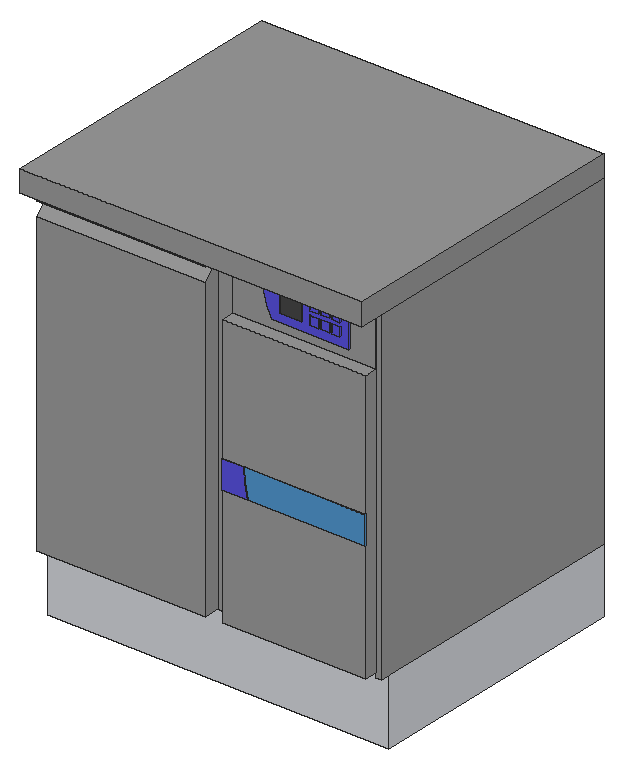
Revit family "Tief-Kühltische GN1-1 - Eigen", category Sonderausstattung, Revit 2015
Parameters (values of type "760x790 1-türig")
  Öffnungstiefe = Korpus Tiefe - Rückwand Stärke - 100 mm  # 470 mm
  Öffnungssymbol Grundriss [instance] = yes
  Watt = 650 W
  Wand unten Stärke = 50 mm  # constant formula
  Wand oben Stärke = 50 mm  # constant formula
  Versatz bei Sockel oder Füße [instance] = if(or(Sockel, Füße), 150 mm, 0 mm)  # 150 mm
  Versatz Tür zu Seitenteil = 40 mm
  Türen Stärke = 50 mm  # constant formula
  Türen Lücke = 20 mm
  Türen Höhe = Korpus Höhe - 20 mm  # 740 mm
  Türen Breite = 390 mm
  Türen Anzahl = 1
  Türen Breite halb = Türen Breite / 2  # 195 mm
  Tür_3 = no
  Tür_2 = no
  Tür_1 = yes
  Tür 4 [instance] = Türen 1 : 1-fach
  Tür 3 [instance] = Türen 1 : 1-fach
  Tür 2 [instance] = Türen 1 : 1-fach
  Tür 1 [instance] = Türen 1 : 1-fach
  Tiefe [instance] = if(Deckplatte, Platte Tiefe, Korpus Tiefe + Türen Stärke)  # 700 mm
  Temp. Bereich = "-18°C bis -20°C"
  Spannung = 230 V
  Sockelhöhe = 150 mm  # constant formula
  Sockel [instance] = yes
  Seitenwand Stärke = 50 mm  # constant formula
  Seitenteilwand Stärke = 15 mm  # constant formula
  Seitenteil Breite = 330 mm
  Scheinleistung = 0 VA
  Platte Tiefe = 700 mm  # constant formula
  Platte Stärke = 50 mm
  Pfosten Tiefe = 50 mm  # constant formula
  Rückwand Stärke = 50 mm  # constant formula
  Pfosten Breite = 100 mm  # constant formula
  Pfosten Anzahl = 0
  Pfosten Abstand = Türen Breite + (Türen Lücke / 2)  # 400 mm
  Pfosten 2 = no
  Pfosten 1 = no
  Material = Edelstahl AISI 304
  Kältemittel = "R290"
  Kälteleistung = "250 Watt -30°C VT/+32°C UT"
  Korpus Tiefe = Platte Tiefe - 50 mm - 30 mm  # 620 mm
  Korpus Höhe = 760 mm
  Korpus Breite = Breite - Seitenteil Breite - Seitenteilwand Stärke  # 445 mm
  Kapazität = "1 x 9 x GN1/1"
  Höhe Elektroanschluss = 150 mm
  Höhe [instance] = if(Deckplatte, Korpus Höhe + Versatz bei Sockel oder Füße + Platte Stärke, Korpus Höhe + Versatz bei Sockel oder Füße)  # 960 mm
  Füße Strg [instance] = and(Füße, not(Sockel))  # no
  Füße [instance] = no
  Energieverbrauch = "7,2 kWh/24 h"
  Deckplatte [instance] = yes
  Breite = 790 mm
  Aufkantung Stärke = 6 mm
  Aufkantung Strg [instance] = and(Deckplatte, Aufkantung)  # no
  Aufkantung Höhe = 50 mm
  Aufkantung [instance] = no
  Artnr ohne Platte = "TKM 711170-76"
  Artnr mit Platte und Aufkantung = "TKM 711171-76"
  Artnr mit Platte = "TKM 711172-76"
  Artikelnr. [instance] = if(and(Deckplatte, not(Aufkantung)), Artnr mit Platte, if(and(Deckplatte, Aufkantung), Artnr mit Platte und Aufkantung, Artnr ohne Platte))  # "TKM 711172-76"
  Abstand Logo = (Korpus Höhe - 120 mm) / 2  # 320 mm
  Abstand Display seitlich = 60 mm
Types (15, lengths in mm): name | Watt | Versatz Tür zu Seitenteil | Türen Lücke | Türen Höhe | Türen Breite | Türen Anzahl | Türen Breite halb | Tür_3 | Tür_2 | Seitenteil Breite | Pfosten Anzahl | Pfosten Abstand | Pfosten 2 | Pfosten 1 | Kälteleistung | Korpus Höhe | Korpus Breite | Kapazität | Höhe | Energieverbrauch | Breite | Aufkantung Strg | Aufkantung | Artnr ohne Platte | Artnr mit Platte und Aufkantung | Artnr mit Platte | Artikelnr. | Abstand Logo
  650x790 1-türig | 650 W | 40 | 20 | 630 | 390 | 1 | 195 | no | no | 330 | 0 | 400 | no | no | "250 Watt -30°C VT/+32°C UT" | 650 | 445 | "1 x 7 x GN1/1" | 850 | "7,1 kWh/24 h" | 790 | yes | yes | "TKM 711160" | "TKM 711161" | "TKM 711162" | "TKM 711161" | 265
  650x1250 2-türig | 680 W | 20 | 20 | 630 | 430 | 2 | 215 | no | yes | 320 | 1 | 440 | no | yes | "250 Watt -30°C VT/+32°C UT" | 650 | 915 | "2 x 9 x GN1/1" | 850 | "7,7 kWh/24 h" | 1250 | yes | yes | "TKM 721160" | "TKM 721161" | "TKM 721162" | "TKM 721161" | 265
  650x1725 3-türig | 750 W | 25 | 30 | 630 | 430 | 3 | 215 | yes | yes | 320 | 2 | 445 | yes | yes | "460 Watt -30°C VT/+32°C UT" | 650 | 1390 | "3 x 9 x GN1/1" | 850 | "8,3 kWh/24 h" | 1725 | yes | yes | "TKM 731160" | "TKM 731161" | "TKM 731162" | "TKM 731161" | 265
  700x790 1-türig | 650 W | 40 | 20 | 680 | 390 | 1 | 195 | no | no | 330 | 0 | 400 | no | no | "250 Watt -30°C VT/+32°C UT" | 700 | 445 | "1 x 8 x GN1/1" | 900 | "7,1 kWh/24 h" | 790 | yes | yes | "TKM 711170-70" | "TKM 711171-70" | "TKM 711172-70" | "TKM 711171-70" | 290
  700x1250 2-türig | 680 W | 20 | 20 | 680 | 430 | 2 | 215 | no | yes | 320 | 1 | 440 | no | yes | "250 Watt -30°C VT/+32°C UT" | 700 | 915 | "2 x 10 x GN1/1" | 900 | "7,7 kWh/24 h" | 1250 | yes | yes | "TKM 721170-70" | "TKM 721171-70" | "TKM 721172-70" | "TKM 721171-70" | 290
  700x1725 3-türig | 750 W | 25 | 30 | 680 | 430 | 3 | 215 | yes | yes | 320 | 2 | 445 | yes | yes | "460 Watt -30°C VT/+32°C UT" | 700 | 1390 | "3 x 10 x GN1/1" | 900 | "8,3 kWh/24 h" | 1725 | yes | yes | "TKM 731170-70" | "TKM 731171-70" | "TKM 731172-70" | "TKM 731171-70" | 290
  710x790 1-türig | 650 W | 40 | 20 | 690 | 390 | 1 | 195 | no | no | 330 | 0 | 400 | no | no | "250 Watt -30°C VT/+32°C UT" | 710 | 445 | "1 x 8 x GN1/1" | 910 | "" | 790 | no | no | "TKM 711170-71" | "TKM 711171-71" | "TKM 711172-71" | "TKM 711172-71" | 295
  710x1250 2-türig | 680 W | 20 | 20 | 690 | 430 | 2 | 215 | no | yes | 320 | 1 | 440 | no | yes | "250 Watt -30°C VT/+32°C UT" | 710 | 915 | "2 x 10 x GN1/1" | 910 | "7,7 kWh/24 h" | 1250 | no | no | "TKM 721170-71" | "TKM 721171-71" | "TKM 721172-71" | "TKM 721172-71" | 295
  710x1725 3-türig | 750 W | 25 | 30 | 690 | 430 | 3 | 215 | yes | yes | 320 | 2 | 445 | yes | yes | "460 Watt -30°C VT/+32°C UT" | 710 | 1390 | "3 x 10 x GN1/1" | 910 | "8,3 kWh/24 h" | 1725 | no | no | "TKM 731170-71" | "TKM 731171-71" | "TKM 731172-71" | "TKM 731172-71" | 295
  750x790 1-türig | 650 W | 40 | 20 | 730 | 390 | 1 | 195 | no | no | 330 | 0 | 400 | no | no | "250 Watt -30°C VT/+32°C UT" | 750 | 445 | "1 x 9 x GN1/1" | 950 | "7,2 kWh/24 h" | 790 | yes | yes | "TKM 711170" | "TKM 711171" | "TKM 711172" | "TKM 711171" | 315
  750x1725 3-türig | 750 W | 25 | 30 | 730 | 430 | 3 | 215 | yes | yes | 320 | 2 | 445 | yes | yes | "460 Watt -30°C VT/+32°C UT" | 750 | 1390 | "3 x 11 x GN1/1" | 950 | "8,4 kWh/24 h" | 1725 | yes | yes | "TKM 731170" | "TKM 731171" | "TKM 731172" | "TKM 731171" | 315
  750x1250 2-türig | 680 W | 20 | 20 | 730 | 430 | 2 | 215 | no | yes | 320 | 1 | 440 | no | yes | "250 Watt -30°C VT/+32°C UT" | 750 | 915 | "2 x 11 x GN1/1" | 950 | "7,8 kWh/24 h" | 1250 | yes | yes | "TKM 721170" | "TKM 721171" | "TKM 721172" | "TKM 721171" | 315
  760x790 1-türig | 650 W | 40 | 20 | 740 | 390 | 1 | 195 | no | no | 330 | 0 | 400 | no | no | "250 Watt -30°C VT/+32°C UT" | 760 | 445 | "1 x 9 x GN1/1" | 960 | "7,2 kWh/24 h" | 790 | no | no | "TKM 711170-76" | "TKM 711171-76" | "TKM 711172-76" | "TKM 711172-76" | 320
  760x1250 2-türig | 680 W | 20 | 20 | 740 | 430 | 2 | 215 | no | yes | 320 | 1 | 440 | no | yes | "250 Watt -30°C VT/+32°C UT" | 760 | 915 | "2 x 11 x GN1/1" | 960 | "7,8 kWh/24 h" | 1250 | no | no | "TKM 721170-76" | "TKM 721171-76" | "TKM 721172-76" | "TKM 721172-76" | 320
  760x1725 3-türig | 750 W | 25 | 30 | 740 | 430 | 3 | 215 | yes | yes | 320 | 2 | 445 | yes | yes | "460 Watt -30°C VT/+32°C UT" | 760 | 1390 | "3 x 11 x GN1/1" | 960 | "8,4 kWh/24 h" | 1725 | no | no | "TKM 731170-76" | "TKM 731171-76" | "TKM 731172-76" | "TKM 731172-76" | 320
Reference planes
  plane 1 "Mitte (Vorne/Hinten)": y = 0
  plane 2: z = 0
  plane 3 "Mitte (Links/Rechts)": x = 0
  plane 4: x = -15
  plane 5: x = -345
  plane 6: x = -395
  plane 7: x = -735
  plane 8: x = -785
  plane 9: x = -835
  plane 10: x = -1145
  plane 11: x = -1195
  plane 12: x = -1245
  plane 13: x = -1555
  plane 14: x = -1605
  plane 15: x = -1655
  plane 16: x = -740
  plane 17 "SR": x = -790
  plane 18: y = -50
  plane 19: y = -570
  plane 20: y = -620
  plane 21 "Korpus unten": z = 150
  plane 22: z = 200
  plane 23: z = 860
  plane 24: z = 910
  plane 25: z = 960
  plane 26: z = 1010
  plane 27: z = 150
  plane 28 "Türen": z = 160
  plane 29: z = 790
  plane 30: y = -15
  plane 31: y = -700
  plane 32: x = -775
  plane 33: x = -385
  plane 34: y = -6
  plane 35: x = -1810
  plane 36: x = -1400
  plane 37: x = -990
  plane 38: x = -580
  plane 39 "Display": y = -640
  plane 40 "Logo": y = -670
  plane 41: x = -228
  plane 42: y = -120
  plane 43: z = 502.5
  plane 44: z = 437.5
  plane 45: z = 470
  plane 46: x = -775
  plane 47: x = -1185
  plane 48: x = -1595
  plane 49: x = -795
  plane 50: x = -1205
  plane 51: x = -1615
  plane 52: x = -710
  plane 53: y = -80
  plane 54: y = -578
  plane 55: x = -373
  plane 56 "Elektro": z = 150
Forms (mm)
  Extrusion 1, solid, material "Edelstahl AISI 304" <- "Material", visible <- "Pfosten 2", detail levels fine
    sketch origin (0, 0, 0) x (1, 0, 0) y (0, 1, 0)
      loop
        line (-1245, -620) -> (-1145, -620) -> (-1145, -570) -> (-1245, -570) -> (-1245, -620)
    from 200 to 860
  Extrusion 2, solid, material "Edelstahl AISI 304" <- "Material", visible <- "Pfosten 1", detail levels fine
    sketch origin (0, 0, 0) x (1, 0, 0) y (0, 1, 0)
      loop
        line (-835, -620) -> (-735, -620) -> (-735, -570) -> (-835, -570) -> (-835, -620)
    from 200 to 860
  Extrusion 3, solid, material "Edelstahl AISI 304" <- "Material", detail levels fine
    sketch origin (0, 0, 0) x (1, 0, 0) y (0, 0, 1)
      loop
        line (-345, 150) -> (-345, 910) -> (-790, 910) -> (-790, 150) -> (-345, 150)
      loop
        line (-740, 860) -> (-740, 200) -> (-395, 200) -> (-395, 860) -> (-740, 860)
    from 0 to 620
  Extrusion 4, solid, material "Edelstahl AISI 304" <- "Material", detail levels fine
    sketch origin (0, 0, 0) x (1, 0, 0) y (0, 0, 1)
      loop
        line (-740, 860) -> (-740, 200) -> (-395, 200) -> (-395, 860) -> (-740, 860)
    from 0 to 50
  Extrusion 5, solid, material "Edelstahl AISI 304" <- "Material", visible <- "Füße Strg", detail levels medium+fine
    sketch origin (0, 0, 0) x (1, 0, 0) y (0, 1, 0)
      loop
        circle (-373, -578) r 20
      loop
        circle (-373, -80) r 20
      loop
        circle (-710, -80) r 20
      loop
        circle (-710, -578) r 20
    from 0 to 150
  Extrusion 6, solid, visible <- "Sockel", detail levels medium+fine
    sketch origin (0, 0, 0) x (1, 0, 0) y (0, 1, 0)
      loop
        line (-790, 0) -> (-790, -620) -> (0, -620) -> (0, 0) -> (-790, 0)
    from 0 to 150
  Extrusion 7, solid, material "Edelstahl AISI 304" <- "Material", detail levels medium+fine
    sketch origin (0, 0, 0) x (1, 0, 0) y (0, 1, 0)
      loop
        line (-345, 0) -> (-345, -620) -> (-15, -620) -> (-15, 0) -> (-345, 0)
    from 150 to 910
  Extrusion 8, solid, material "Edelstahl AISI 304" <- "Material", detail levels medium+fine
    sketch origin (0, 0, 0) x (1, 0, 0) y (0, 1, 0)
      loop
        line (-15, 0) -> (-15, -640) -> (0, -640) -> (0, 0) -> (-15, 0)
    from 150 to 910
  Extrusion 9, solid, material "Edelstahl AISI 304" <- "Material", visible <- "Deckplatte", detail levels medium+fine
    sketch origin (0, 0, 0) x (1, 0, 0) y (0, 1, 0)
      loop
        line (-790, 0) -> (-790, -700) -> (0, -700) -> (0, 0) -> (-790, 0)
    from 910 to 960
  Extrusion 10, solid, material "Edelstahl AISI 304" <- "Material", visible <- "Aufkantung Strg", detail levels fine
    sketch origin (0, 0, 0) x (1, 0, 0) y (0, 1, 0)
      loop
        line (-790, 0) -> (-790, -6) -> (0, -6) -> (0, 0) -> (-790, 0)
    from 960 to 1010
  Extrusion 11, solid, material "Edelstahl AISI 304" <- "Material", detail levels medium+fine
    sketch origin (0, 0, 0) x (1, 0, 0) y (0, 0, 1)
      loop
        line (-15, 160) -> (-15, 790) -> (-345, 790) -> (-345, 160) -> (-15, 160)
    from 620 to 670
  Extrusion 12, solid, material "Edelstahl AISI 304" <- "Material", detail levels medium+fine
    sketch origin (0, 0, 0) x (1, 0, 0) y (0, 0, 1)
      loop
        line (-345, 910) -> (-345, 790) -> (-15, 790) -> (-15, 910) -> (-345, 910)
    from 620 to 640
  Extrusion 13, solid, material "Logo Blau Dunkel", detail levels fine
    sketch origin (0, -640, 0) x (-1, 0, 0) y (0, 0, 1)
      loop
        line (275, 890) -> (75, 890) -> (75, 810) -> (255, 810)
        arc (255, 810) -> (269.844, 848.789) -> (275, 890) r 172.745
      loop
        line (235, 880) -> (185, 880) -> (185, 830) -> (235, 830) -> (235, 880)
      loop
        line (165, 880) -> (145, 880) -> (145, 860) -> (165, 860) -> (165, 880)
      loop
        line (140, 880) -> (120, 880) -> (120, 860) -> (140, 860) -> (140, 880)
      loop
        line (115, 880) -> (95, 880) -> (95, 860) -> (115, 860) -> (115, 880)
      loop
        line (165, 830) -> (165, 850) -> (145, 850) -> (145, 830) -> (165, 830)
      loop
        line (140, 830) -> (140, 850) -> (120, 850) -> (120, 830) -> (140, 830)
      loop
        line (115, 830) -> (115, 850) -> (95, 850) -> (95, 830) -> (115, 830)
    from 0 to -2
  Extrusion 14, solid, material "Logo Blau Hell", detail levels fine
    sketch origin (0, -670, 0) x (-1, 0, 0) y (0, 0, 1)
      loop
        line (295, 502.5) -> (15, 502.5) -> (15, 437.5) -> (285, 437.5)
        arc (285, 437.5) -> (292.724, 469.581) -> (295, 502.5) r 197.504
    from 0 to -2
  Extrusion 15, solid, material "Logo Blau Dunkel", detail levels fine
    sketch origin (0, -670, 0) x (-1, 0, 0) y (0, 0, 1)
      loop
        line (285, 437.5) -> (345, 437.5) -> (345, 502.5) -> (295, 502.5)
        arc (295, 502.5) -> (292.724, 469.581) -> (285, 437.5) r 197.504
    from 0 to -2
  Extrusion 16, solid, not visible
    sketch origin (0, 0, 150) x (0, -1, 0) y (1, 0, 0)
      loop
        circle (120, -228) r 20
    from 0 to 2
  Extrusion 17, solid, material "Display", detail levels fine
    sketch origin (0, -640, 0) x (-1, 0, 0) y (0, 0, 1)
      loop
        line (235, 880) -> (185, 880) -> (185, 830) -> (235, 830) -> (235, 880)
    from 0 to -2
  Extrusion 18, solid, material "Knöpfe", detail levels fine
    sketch origin (0, -640, 0) x (-1, 0, 0) y (0, 0, 1)
      loop
        line (165, 880) -> (145, 880) -> (145, 860) -> (165, 860) -> (165, 880)
      loop
        line (165, 850) -> (145, 850) -> (145, 830) -> (165, 830) -> (165, 850)
      loop
        line (140, 830) -> (140, 850) -> (120, 850) -> (120, 830) -> (140, 830)
      loop
        line (140, 860) -> (140, 880) -> (120, 880) -> (120, 860) -> (140, 860)
      loop
        line (115, 880) -> (95, 880) -> (95, 860) -> (115, 860) -> (115, 880)
      loop
        line (115, 850) -> (95, 850) -> (95, 830) -> (115, 830) -> (115, 850)
    from 0 to -3
  Extrusion 19, solid, material "Edelstahl AISI 304" <- "Material", detail levels medium
    sketch origin (0, 0, 150) x (-1, 0, 0) y (0, -1, 0)
      loop
        line (790, 0) -> (790, 620) -> (345, 620) -> (345, 0) -> (790, 0)
    from 760 to -2
  Extrusion 20, solid, material "Edelstahl AISI 304" <- "Material", detail levels coarse
    sketch origin (0, 0, 0) x (1, 0, 0) y (0, 1, 0)
      loop
        line (-790, 0) -> (-790, -700) -> (0, -700) -> (0, 0) -> (-790, 0)
    from 960 to -2
Dimensions and locks
  "Rückwand Stärke": plane 18 to plane 1 "Mitte (Vorne/Hinten)"
  "Pfosten Tiefe": plane 19 to plane 20
  "Korpus Tiefe": plane 20 to plane 1 "Mitte (Vorne/Hinten)"
  "Seitenwand Stärke": plane 5 to plane 6
  "Seitenwand Stärke": plane 16 to plane 17 "SR"
  "Seitenteilwand Stärke": plane 3 "Mitte (Links/Rechts)" to plane 4
  "Seitenteil Breite": plane 4 to plane 5
  "Breite": plane 3 "Mitte (Links/Rechts)" to plane 17 "SR"
  "Wand unten Stärke": plane 22 to plane 21 "Korpus unten"
  "Aufkantung Höhe": plane 26 to plane 25
  "Platte Stärke": plane 25 to plane 24
  "Wand oben Stärke": plane 24 to plane 23
  "Korpus Höhe": plane 24 to plane 21 "Korpus unten"
  "Versatz bei Sockel oder Füße": plane 21 "Korpus unten" to level
  "Sockelhöhe": plane 27 to level
  locked: plane 28 "Türen" to plane 21 "Korpus unten" at 10
  locked: plane 24 to plane 29 at 120
  "Seitenteilwand Stärke": plane 30 to plane 1 "Mitte (Vorne/Hinten)"
  "Platte Tiefe": plane 31 to plane 1 "Mitte (Vorne/Hinten)"
  locked: plane 32 to plane 17 "SR" at 15
  "Versatz Tür zu Seitenteil": plane 5 to plane 33
  "Aufkantung Stärke": plane 34 to plane 1 "Mitte (Vorne/Hinten)"
  locked: plane 20 to plane 39 "Display" at 20
  "Türen Stärke": plane 20 to plane 40 "Logo"
  locked: plane 41 to plane 3 "Mitte (Links/Rechts)" at 228
  locked: plane 42 to plane 1 "Mitte (Vorne/Hinten)" at 120
  locked: plane 24 to Extrusion 13 sketch curve at 20
  locked: Extrusion 13 sketch curve to plane 29 at 20
  locked: Extrusion 13 sketch curve to Extrusion 13 sketch curve at 10
  locked: Extrusion 13 sketch curve to Extrusion 13 sketch curve at 20  (x3)
  locked: plane 43 to plane 44 at 65
  "Abstand Logo": plane 29 to plane 45
  locked: Extrusion 14 sketch curve to plane 5 at 50
  locked: Extrusion 14 sketch curve to plane 5 at 60
  equal spacing: plane 43, plane 45, plane 44
  plane 29 to plane 43 = 287.5 mm
  "Türen Breite halb": plane 33 to plane 38
  "Türen Lücke": plane 46 to plane 49
  "Türen Lücke": plane 47 to plane 50
  "Türen Lücke": plane 48 to plane 51
  "Türen Breite halb": plane 49 to plane 37
  "Türen Breite halb": plane 50 to plane 36
  "Türen Breite halb": plane 51 to plane 35
  "Türen Breite": plane 33 to plane 46
  "Türen Breite": plane 49 to plane 47
  "Türen Breite": plane 50 to plane 48
  equal spacing: plane 7, plane 8, plane 9
  equal spacing: plane 10, plane 11, plane 12
  equal spacing: plane 13, plane 14, plane 15
  "Pfosten Breite": plane 13 to plane 15
  "Pfosten Breite": plane 10 to plane 12
  "Pfosten Breite": plane 7 to plane 9
  "Pfosten Abstand": plane 33 to plane 8
  "Pfosten Abstand": plane 49 to plane 11
  "Pfosten Abstand": plane 50 to plane 14
  "Abstand Display seitlich": plane 4 to Extrusion 13 sketch curve
  locked: Extrusion 13 sketch curve to Extrusion 13 sketch curve at 200
  locked: Extrusion 13 sketch curve to Extrusion 13 sketch curve at 180
  Extrusion 13 sketch curve to Extrusion 13 sketch curve to Extrusion 13 sketch curve to Extrusion 13 sketch curve to Extrusion 13 sketch curve to Extrusion 13 sketch curve to Extrusion 13 sketch curve to Extrusion 13 sketch curve to Extrusion 13 sketch curve = 50 mm locked, 20 mm locked, 20 mm locked, 5 mm locked, 20 mm locked, 5 mm locked, 20 mm locked, 20 mm locked
  locked: plane 17 "SR" to plane 52 at 80
  locked: plane 53 to plane 1 "Mitte (Vorne/Hinten)" at 80
  locked: plane 54 to plane 20 at 42
  locked: plane 55 to plane 3 "Mitte (Links/Rechts)" at 373
  "Höhe Elektroanschluss": plane 56 "Elektro" to level
  aligned and locked: level to plane 2
  aligned and locked: plane 23 to Extrusion 2
  aligned and locked: plane 23 to Extrusion 1
  aligned and locked: Extrusion 3 to plane 20
  aligned and locked: Extrusion 2 to plane 22
  aligned and locked: Extrusion 1 to plane 22
  aligned and locked: Extrusion 4 to plane 18
  aligned and locked: plane 27 to Extrusion 5
  aligned and locked: plane 27 to Extrusion 6
  aligned and locked: plane 24 to Extrusion 7
  aligned and locked: Extrusion 7 to plane 21 "Korpus unten"
  aligned and locked: plane 24 to Extrusion 8
  aligned and locked: Extrusion 8 to plane 21 "Korpus unten"
  aligned and locked: plane 25 to Extrusion 9
  aligned and locked: Extrusion 9 to plane 24
  aligned and locked: plane 26 to Extrusion 10
  aligned and locked: Extrusion 10 to plane 25
  aligned and locked: plane 20 to Extrusion 11
  aligned and locked: plane 20 to Extrusion 12
  aligned and locked: Extrusion 12 to plane 39 "Display"
  aligned and locked: plane 39 "Display" to Extrusion 8 sketch curve
  aligned and locked: plane 4 to Extrusion 8 sketch curve
  aligned and locked: Extrusion 8 sketch curve to plane 3 "Mitte (Links/Rechts)"
  aligned and locked: plane 1 "Mitte (Vorne/Hinten)" to Extrusion 8 sketch curve
  aligned and locked: nested 3 to plane 36
  aligned and locked: plane 37 to nested 2
  aligned and locked: plane 38 to nested 1
  aligned and locked: nested 1 to plane 28 "Türen"
  aligned and locked: nested 2 to plane 28 "Türen"
  aligned and locked: nested 3 to plane 28 "Türen"
  aligned and locked: nested 3 to plane 20
  aligned and locked: nested 2 to plane 20
  aligned and locked: nested 1 to plane 20
  aligned and locked: plane 28 "Türen" to Extrusion 11 sketch curve
  aligned and locked: plane 5 to Extrusion 11 sketch curve
  aligned and locked: Extrusion 11 sketch curve to plane 4
  aligned and locked: plane 29 to Extrusion 11 sketch curve
  aligned and locked: Extrusion 10 sketch curve to plane 34
  aligned and locked: nested 1 to Extrusion 11
  aligned and locked: Extrusion 13 sketch curve to Extrusion 13 sketch curve  (x16)
  aligned and locked: Extrusion 14 sketch curve to plane 4
  aligned and locked: Extrusion 15 sketch curve to Extrusion 14
  aligned and locked: plane 44 to Extrusion 15 sketch curve
  aligned and locked: plane 43 to Extrusion 15 sketch curve
  aligned and locked: plane 5 to Extrusion 15 sketch curve
  aligned and locked: Extrusion 17 sketch curve to Extrusion 13  (x4)
  aligned and locked: Extrusion 18 sketch curve to Extrusion 13  (x24)
  aligned and locked: plane 24 to Extrusion 19
  aligned and locked: plane 25 to Extrusion 20
  aligned and locked: Extrusion 20 to plane 17 "SR"
  aligned and locked: Extrusion 19 to plane 17 "SR"
Automatic sketch dimensions
  Extrusion 9 sketch curve to plane 17 "SR" = 0 mm
  Extrusion 9 sketch curve to plane 3 "Mitte (Links/Rechts)" = 0 mm
  Extrusion 9 sketch curve to plane 31 = 0 mm
  plane 1 "Mitte (Vorne/Hinten)" to Extrusion 9 sketch curve = 0 mm
  Extrusion 10 sketch curve to plane 17 "SR" = 0 mm
  Extrusion 10 sketch curve to plane 3 "Mitte (Links/Rechts)" = 0 mm
  plane 1 "Mitte (Vorne/Hinten)" to Extrusion 10 sketch curve = 0 mm
  Extrusion 14 sketch curve to plane 44 = 0 mm
  Extrusion 14 sketch curve to plane 43 = 0 mm
  Extrusion 14 sketch curve to plane 43 = 2.887 mm
  Extrusion 1 sketch curve to plane 12 = 0 mm
  Extrusion 1 sketch curve to plane 10 = 0 mm
  Extrusion 1 sketch curve to plane 20 = 0 mm
  Extrusion 1 sketch curve to plane 19 = 0 mm
  Extrusion 2 sketch curve to plane 9 = 0 mm
  Extrusion 2 sketch curve to plane 7 = 0 mm
  Extrusion 2 sketch curve to plane 20 = 0 mm
  Extrusion 2 sketch curve to plane 19 = 0 mm
  Extrusion 3 sketch curve to plane 17 "SR" = 0 mm
  Extrusion 3 sketch curve to plane 16 = 0 mm
  Extrusion 3 sketch curve to plane 6 = 0 mm
  Extrusion 3 sketch curve to plane 5 = 0 mm
  Extrusion 3 sketch curve to plane 21 "Korpus unten" = 0 mm
  Extrusion 3 sketch curve to plane 22 = 0 mm
  Extrusion 3 sketch curve to plane 23 = 0 mm
  Extrusion 3 sketch curve to plane 24 = 0 mm
  Extrusion 4 sketch curve to plane 16 = 0 mm
  Extrusion 4 sketch curve to plane 6 = 0 mm
  Extrusion 4 sketch curve to plane 22 = 0 mm
  Extrusion 4 sketch curve to plane 23 = 0 mm
  Extrusion 6 sketch curve to plane 17 "SR" = 0 mm
  Extrusion 6 sketch curve to plane 3 "Mitte (Links/Rechts)" = 0 mm
  Extrusion 6 sketch curve to plane 20 = 0 mm
  plane 1 "Mitte (Vorne/Hinten)" to Extrusion 6 sketch curve = 0 mm
  Extrusion 7 sketch curve to plane 5 = 0 mm
  Extrusion 7 sketch curve to plane 4 = 0 mm
  Extrusion 7 sketch curve to plane 20 = 0 mm
  plane 1 "Mitte (Vorne/Hinten)" to Extrusion 7 sketch curve = 0 mm
  Extrusion 12 sketch curve to plane 5 = 0 mm
  Extrusion 12 sketch curve to plane 4 = 0 mm
  Extrusion 12 sketch curve to plane 29 = 0 mm
  Extrusion 12 sketch curve to plane 24 = 0 mm
  Extrusion 5 sketch curve to plane 52 = 0 mm  (x2)
  plane 53 to Extrusion 5 sketch curve = 0 mm  (x2)
  Extrusion 5 sketch curve to plane 55 = 0 mm  (x2)
  Extrusion 5 sketch curve to plane 54 = 0 mm  (x2)
  Extrusion 16 sketch curve to plane 41 = 0 mm
  Extrusion 16 sketch curve to plane 42 = 0 mm
  plane 1 "Mitte (Vorne/Hinten)" to Extrusion 19 sketch curve = 0 mm
  Extrusion 19 sketch curve to plane 5 = 0 mm
  plane 14 to Extrusion 19 sketch curve = 815 mm
  Extrusion 19 sketch curve to plane 20 = 0 mm
  plane 14 to Extrusion 20 sketch curve = 815 mm
  Extrusion 20 sketch curve to plane 3 "Mitte (Links/Rechts)" = 0 mm
  Extrusion 20 sketch curve to plane 31 = 0 mm
  plane 1 "Mitte (Vorne/Hinten)" to Extrusion 20 sketch curve = 0 mm
  Extrusion 13 sketch curve to Extrusion 13 sketch curve = 7.257 mm
  radius of Extrusion 5 sketch curve = 20 mm  (x4)
  radius of Extrusion 16 sketch curve = 20 mm
Nested families
  nested 1: "Türen 1" at (-580, -620, 160), Tür Höhe <- "Türen Höhe", Tür Breite <- "Türen Breite", visible <- "Tür_1", type <- "Tür 1", type "1-fach"
    with Tür Höhe 3 von 3 239.667 mm, Tür Höhe 2 von 3 239.667 mm, Tür Höhe 2 von 2 ungleich 490.333 mm, Tür Höhe 2 von 2 gleich 365 mm, Tür Höhe 1 von 3 239.667 mm, Tür Höhe 1 von 2 ungleich 239.667 mm, Tür Höhe 1 von 2 gleich 365 mm, Tür Höhe 740 mm, Tür Breite 390 mm, Lücke 2 10 mm, Lücke 1 10.5 mm, Öffnungstiefe 470 mm
  nested 2: "Türen 1" at (-990, -620, 160), Tür Höhe <- "Türen Höhe", Tür Breite <- "Türen Breite", visible <- "Tür_2", type <- "Tür 2", type "1-fach"
    with Tür Höhe 3 von 3 239.667 mm, Tür Höhe 2 von 3 239.667 mm, Tür Höhe 2 von 2 ungleich 490.333 mm, Tür Höhe 2 von 2 gleich 365 mm, Tür Höhe 1 von 3 239.667 mm, Tür Höhe 1 von 2 ungleich 239.667 mm, Tür Höhe 1 von 2 gleich 365 mm, Tür Höhe 740 mm, Tür Breite 390 mm, Lücke 2 10 mm, Lücke 1 10.5 mm, Öffnungstiefe 470 mm
  nested 3: "Türen 1" at (-1400, -620, 160), Tür Höhe <- "Türen Höhe", Tür Breite <- "Türen Breite", visible <- "Tür_3", type <- "Tür 3", type "1-fach"
    with Tür Höhe 3 von 3 239.667 mm, Tür Höhe 2 von 3 239.667 mm, Tür Höhe 2 von 2 ungleich 490.333 mm, Tür Höhe 2 von 2 gleich 365 mm, Tür Höhe 1 von 3 239.667 mm, Tür Höhe 1 von 2 ungleich 239.667 mm, Tür Höhe 1 von 2 gleich 365 mm, Tür Höhe 740 mm, Tür Breite 390 mm, Lücke 2 10 mm, Lücke 1 10.5 mm, Öffnungstiefe 470 mm
Connectors
  electrical at (-228, -120, 150), driven by "Spannung", driven by "Scheinleistung"
    settings: on Extrusion 16, index 1, voltage 230 V, apparent load 0 VA, apparent load phase1 0 VA, apparent load phase2 0 VA, apparent load phase3 0 VA, power factor 1, load classification "Sonstige", number of poles 1, system type 31, power factor state 1, is connector primary yes, connector utility no, sub classification motor no, connector description ""
Definition of nested family "Türen 1"
  Parameters (values of type "1-fach")
    Öffnungstiefe = 375.348 mm
    Öffnungssymbol Grundriss = yes
    Türflügel Stärke = 35 mm
    Tür Stärke = 50 mm
    Tür Höhe 2 von 2 ungleich [instance] = Tür Höhe - Tür Höhe 1 von 2 ungleich - 10 mm  # 417 mm
    Tür Höhe 2 von 2 gleich [instance] = (Tür Höhe - Lücke 2) / 2  # 309.75 mm
    Tür Höhe 1 von 2 ungleich [instance] = (Tür Höhe - (Lücke 1 * 2)) / 3  # 203 mm
    Tür Höhe 1 von 2 gleich [instance] = (Tür Höhe - Lücke 2) / 2  # 309.75 mm
    Tür Höhe [instance] = 630 mm
    Tür Breite [instance] = 430 mm
    Tür Höhe 3 von 3 [instance] = (Tür Höhe - (Lücke 1 * 2)) / 3  # 203 mm
    Tür Höhe 2 von 3 [instance] = (Tür Höhe - (Lücke 1 * 2)) / 3  # 203 mm
    Tür Höhe 1 von 3 [instance] = (Tür Höhe - (Lücke 1 * 2)) / 3  # 203 mm
    Material = none
    Lücke 2 [instance] = 10.5 mm
    Lücke 1 [instance] = 10.5 mm
    Dichtung Stärke = Tür Stärke - Türflügel Stärke  # 15 mm
    3-fach = no
    2-fach ungleich = no
    2-fach gleich = no
    1-fach = yes
  Types (4, lengths in mm): name | Tür Höhe 2 von 2 gleich | Tür Höhe 1 von 2 gleich | Lücke 2 | 3-fach | 2-fach ungleich | 2-fach gleich | 1-fach
    3-fach gleich | 310 | 310 | 10 | yes | no | no | no
    2-fach ungleich | 310 | 310 | 10 | no | yes | no | no
    2-fach gleich | 310 | 310 | 10 | no | no | yes | no
    1-fach | 309.75 | 309.75 | 10.5 | no | no | no | yes
  Reference planes
    plane 1 "Mitte (Vorne/Hinten)": y = 0
    plane 2: z = 0
    plane 3 "Mitte (Links/Rechts)": x = 0
    plane 4: x = 215
    plane 5: x = -215
    plane 6: y = -50
    plane 7: y = -15
    plane 8: z = 630
    plane 9: z = 417
    plane 10: z = 427
    plane 11: z = 320.25
    plane 12: z = 309.75
    plane 13: z = 427
    plane 14: z = 416.5
    plane 15: z = 213.5
    plane 16: z = 203
    plane 17: y = -425.348
  Forms (mm)
    Extrusion 1, solid, material <- "Material", visible <- "1-fach", detail levels fine
      sketch origin (0, 0, 0) x (0, 1, 0) y (0, 0, 1)
        loop
          line (-50, 0) -> (-15, 0) -> (-15, 630) -> (-50, 630) -> (-50, 615) -> (-48, 615) -> (-48, 628) -> (-17, 628) -> (-17, 615) -> (-50, 582) -> (-50, 0)
      from -215 to 215
    Extrusion 2, solid, material <- "Material", visible <- "2-fach gleich", detail levels fine
      sketch origin (0, 0, 0) x (0, 1, 0) y (0, 0, 1)
        loop
          line (-50, 0) -> (-15, 0) -> (-15, 309.75) -> (-50, 309.75) -> (-50, 294.75) -> (-48, 294.75) -> (-48, 307.75) -> (-17, 307.75) -> (-17, 294.75) -> (-50, 261.75) -> (-50, 0)
        loop
          line (-50, 320.25) -> (-15, 320.25) -> (-15, 630) -> (-50, 630) -> (-50, 615) -> (-48, 615) -> (-48, 628) -> (-17, 628) -> (-17, 615) -> (-50, 582) -> (-50, 320.25)
      from -215 to 215
    Extrusion 3, solid, material <- "Material", visible <- "2-fach ungleich", detail levels fine
      sketch origin (0, 0, 0) x (0, 1, 0) y (0, 0, 1)
        loop
          line (-50, 0) -> (-15, 0) -> (-15, 417) -> (-50, 417) -> (-50, 402) -> (-48, 402) -> (-48, 415) -> (-17, 415) -> (-17, 402) -> (-50, 369) -> (-50, 0)
        loop
          line (-50, 427) -> (-15, 427) -> (-15, 630) -> (-50, 630) -> (-50, 615) -> (-48, 615) -> (-48, 628) -> (-17, 628) -> (-17, 615) -> (-50, 582) -> (-50, 427)
      from -215 to 215
    Extrusion 4, solid, material <- "Material", visible <- "3-fach", detail levels fine
      sketch origin (0, 0, 0) x (0, 1, 0) y (0, 0, 1)
        loop
          line (-50, 0) -> (-15, 0) -> (-15, 203) -> (-50, 203) -> (-50, 188) -> (-48, 188) -> (-48, 201) -> (-17, 201) -> (-17, 188) -> (-50, 155) -> (-50, 0)
        loop
          line (-50, 427) -> (-15, 427) -> (-15, 630) -> (-50, 630) -> (-50, 615) -> (-48, 615) -> (-48, 628) -> (-17, 628) -> (-17, 615) -> (-50, 582) -> (-50, 427)
        loop
          line (-50, 213.5) -> (-15, 213.5) -> (-15, 416.5) -> (-50, 416.5) -> (-50, 401.5) -> (-48, 401.5) -> (-48, 414.5) -> (-17, 414.5) -> (-17, 401.5) -> (-50, 368.5) -> (-50, 213.5)
      from -215 to 215
    Extrusion 5, solid, material <- "Material", visible <- "1-fach", detail levels medium
      sketch origin (0, 0, 0) x (1, 0, 0) y (0, 0, 1)
        loop
          line (-215, 630) -> (-215, 0) -> (215, 0) -> (215, 630) -> (-215, 630)
      from 0 to 50
    Extrusion 6, solid, material <- "Material", visible <- "2-fach gleich", detail levels medium
      sketch origin (0, 0, 0) x (1, 0, 0) y (0, 0, 1)
        loop
          line (-215, 630) -> (-215, 320.25) -> (215, 320.25) -> (215, 630) -> (-215, 630)
        loop
          line (215, 0) -> (215, 309.75) -> (-215, 309.75) -> (-215, 0) -> (215, 0)
      from 0 to 50
    Extrusion 7, solid, material <- "Material", visible <- "2-fach ungleich", detail levels medium
      sketch origin (0, 0, 0) x (1, 0, 0) y (0, 0, 1)
        loop
          line (-215, 630) -> (-215, 427) -> (215, 427) -> (215, 630) -> (-215, 630)
        loop
          line (-215, 0) -> (215, 0) -> (215, 416.5) -> (-215, 416.5) -> (-215, 0)
      from 0 to 50
    Extrusion 8, solid, material <- "Material", visible <- "3-fach", detail levels medium
      sketch origin (0, 0, 0) x (1, 0, 0) y (0, 0, 1)
        loop
          line (-215, 630) -> (-215, 427) -> (215, 427) -> (215, 630) -> (-215, 630)
        loop
          line (-215, 213.5) -> (215, 213.5) -> (215, 416.5) -> (-215, 416.5) -> (-215, 213.5)
        loop
          line (-215, 0) -> (215, 0) -> (215, 203) -> (-215, 203) -> (-215, 0)
      from 0 to 50
  Lines and regions (mm)
    symbolic lines, visible <- "Öffnungssymbol Grundriss"
      curve 1: line (-215, -15, 0) -> (-215, -425.348, 0)
      curve 2: line (-215, -425.348, 0) -> (215, -425.348, 0)
      curve 3: line (215, -425.348, 0) -> (215, -15, 0)
      curve 4: line (0, -100.348, 0) -> (0, -375.348, 0)
      curve 5: line (0, -100.348, 0) -> (24.749, -125.096, 0)
      curve 6: line (0, -100.348, 0) -> (-24.749, -125.096, 0)
      curve 7: line (0, -375.348, 0) -> (24.749, -350.599, 0)
      curve 8: line (0, -375.348, 0) -> (-24.749, -350.599, 0)
  Dimensions and locks
    "Dichtung Stärke": plane 7 to plane 1 "Mitte (Vorne/Hinten)"
    "Tür Stärke": plane 1 "Mitte (Vorne/Hinten)" to plane 6
    "Tür Höhe": plane 8 to level
    equal spacing: plane 4, plane 3 "Mitte (Links/Rechts)", plane 5
    "Tür Breite": plane 4 to plane 5
    locked: Extrusion 1 sketch curve to plane 7 at 2
    locked: plane 6 to Extrusion 1 sketch curve at 2
    locked: plane 8 to Extrusion 1 sketch curve at 2
    locked: plane 8 to Extrusion 1 sketch curve at 15  (x2)
    "Tür Höhe 2 von 2 ungleich": plane 9 to level
    "Tür Höhe 1 von 2 ungleich": plane 8 to plane 10
    "Tür Höhe 1 von 2 gleich": plane 8 to plane 11
    "Tür Höhe 2 von 2 gleich": plane 12 to level
    "Lücke 1": plane 16 to plane 15
    "Lücke 1": plane 13 to plane 14
    "Tür Höhe 1 von 3": plane 8 to plane 13
    "Tür Höhe 3 von 3": plane 16 to level
    "Öffnungstiefe": plane 6 to plane 17
    locked: plane 6 to curve 4 at 50.348
    locked: curve 4 to plane 17 at 50
    locked: Extrusion 1 sketch curve to Extrusion 1 sketch curve (angle 135.00°)
    locked: Extrusion 2 sketch curve to Extrusion 2 sketch curve (angle 135.00°)  (x2)
    locked: Extrusion 3 sketch curve to Extrusion 3 sketch curve (angle 135.00°)  (x2)
    locked: Extrusion 4 sketch curve to Extrusion 4 sketch curve (angle 135.00°)  (x3)
    aligned and locked: level to plane 2
    aligned and locked: Extrusion 1 sketch curve to level
    aligned and locked: Extrusion 1 sketch curve to plane 6  (x2)
    aligned and locked: plane 7 to Extrusion 1 sketch curve
    aligned and locked: plane 8 to Extrusion 1 sketch curve
    aligned and locked: Extrusion 1 to plane 5
    aligned and locked: plane 4 to Extrusion 1
    aligned and locked: plane 12 to Extrusion 2 sketch curve
    aligned and locked: plane 11 to Extrusion 2 sketch curve
    aligned and locked: Extrusion 2 sketch curve to level
    aligned and locked: plane 8 to Extrusion 2 sketch curve
    aligned and locked: Extrusion 2 sketch curve to plane 6  (x3)
    aligned and locked: plane 7 to Extrusion 2 sketch curve  (x2)
    aligned and locked: Extrusion 2 to plane 5
    aligned and locked: plane 4 to Extrusion 2
    aligned and locked: plane 7 to Extrusion 3 sketch curve  (x2)
    aligned and locked: Extrusion 3 sketch curve to plane 6  (x3)
    aligned and locked: Extrusion 4 sketch curve to plane 6  (x3)
    aligned and locked: plane 7 to Extrusion 4 sketch curve  (x2)
    aligned and locked: Extrusion 4 sketch curve to level
    aligned and locked: plane 16 to Extrusion 4 sketch curve
    aligned and locked: plane 14 to Extrusion 4 sketch curve
    aligned and locked: Extrusion 4 sketch curve to plane 15
    aligned and locked: plane 9 to Extrusion 3 sketch curve
    aligned and locked: plane 8 to Extrusion 3 sketch curve
    aligned and locked: plane 6 to Extrusion 3 sketch curve
    aligned and locked: Extrusion 3 sketch curve to plane 10
    aligned and locked: curve 4 to plane 3 "Mitte (Links/Rechts)"
    aligned and locked: Extrusion 5 to plane 6
    aligned and locked: Extrusion 6 to plane 6
    aligned and locked: Extrusion 7 to plane 6
    aligned and locked: Extrusion 8 to plane 6
  Automatic sketch dimensions
    Extrusion 2 sketch curve to plane 6 = 0 mm
    plane 6 to Extrusion 2 sketch curve = 2 mm  (x2)
    Extrusion 2 sketch curve to plane 7 = 2 mm  (x2)
    Extrusion 2 sketch curve to plane 12 = 15 mm  (x2)
    Extrusion 2 sketch curve to plane 12 = 2 mm
    Extrusion 2 sketch curve to plane 8 = 15 mm
    Extrusion 2 sketch curve to Extrusion 2 sketch curve = 15 mm
    Extrusion 2 sketch curve to plane 8 = 2 mm
    Extrusion 4 sketch curve to plane 6 = 0 mm  (x3)
    Extrusion 4 sketch curve to plane 7 = 0 mm
    plane 10 to Extrusion 4 sketch curve = 0 mm
    Extrusion 4 sketch curve to plane 8 = 0 mm
    plane 6 to Extrusion 4 sketch curve = 2 mm  (x3)
    Extrusion 4 sketch curve to plane 7 = 2 mm  (x3)
    plane 16 to Extrusion 4 sketch curve = 15 mm
    plane 16 to Extrusion 4 sketch curve = 2 mm
    Extrusion 4 sketch curve to Extrusion 4 sketch curve = 15 mm
    Extrusion 4 sketch curve to plane 8 = 15 mm
    Extrusion 4 sketch curve to plane 8 = 2 mm
    Extrusion 4 sketch curve to plane 14 = 2 mm
    Extrusion 4 sketch curve to Extrusion 4 sketch curve = 13 mm  (x3)
    Extrusion 3 sketch curve to level = 0 mm
    plane 6 to Extrusion 3 sketch curve = 2 mm  (x2)
    Extrusion 3 sketch curve to plane 7 = 2 mm  (x2)
    Extrusion 3 sketch curve to plane 14 = 47.5 mm
    Extrusion 3 sketch curve to plane 14 = 14.5 mm
    Extrusion 3 sketch curve to plane 14 = 1.5 mm
    Extrusion 3 sketch curve to Extrusion 3 sketch curve = 15 mm
    Extrusion 3 sketch curve to plane 8 = 2 mm
    Extrusion 3 sketch curve to Extrusion 3 sketch curve = 13 mm
    curve 1 to plane 5 = 0 mm
    curve 3 to plane 4 = 0 mm
    curve 1 to plane 17 = 0 mm
    curve 1 to plane 7 = 0 mm
    curve 3 to plane 7 = 0 mm
    curve 6 to plane 3 "Mitte (Links/Rechts)" = 24.749 mm
    curve 8 to plane 3 "Mitte (Links/Rechts)" = 24.749 mm
    plane 3 "Mitte (Links/Rechts)" to curve 5 = 24.749 mm
    plane 3 "Mitte (Links/Rechts)" to curve 7 = 24.749 mm
    curve 4 to curve 8 = 24.749 mm
    curve 6 to curve 4 = 24.749 mm
    Extrusion 5 sketch curve to level = 0 mm
    Extrusion 5 sketch curve to plane 5 = 0 mm
    Extrusion 5 sketch curve to plane 4 = 0 mm
    Extrusion 5 sketch curve to plane 8 = 0 mm
    Extrusion 6 sketch curve to plane 5 = 0 mm  (x2)
    Extrusion 6 sketch curve to level = 0 mm
    Extrusion 6 sketch curve to plane 4 = 0 mm  (x2)
    Extrusion 6 sketch curve to plane 12 = 0 mm
    Extrusion 6 sketch curve to plane 11 = 0 mm
    Extrusion 6 sketch curve to plane 8 = 0 mm
    Extrusion 7 sketch curve to plane 5 = 0 mm  (x2)
    Extrusion 7 sketch curve to level = 0 mm
    Extrusion 7 sketch curve to plane 4 = 0 mm  (x2)
    Extrusion 7 sketch curve to plane 14 = 0 mm
    Extrusion 7 sketch curve to plane 10 = 0 mm
    Extrusion 7 sketch curve to plane 8 = 0 mm
    Extrusion 8 sketch curve to plane 5 = 0 mm  (x3)
    Extrusion 8 sketch curve to level = 0 mm
    Extrusion 8 sketch curve to plane 4 = 0 mm  (x3)
    Extrusion 8 sketch curve to plane 16 = 0 mm
    Extrusion 8 sketch curve to plane 15 = 0 mm
    Extrusion 8 sketch curve to plane 14 = 0 mm
    Extrusion 8 sketch curve to plane 10 = 0 mm
    Extrusion 8 sketch curve to plane 8 = 0 mm
